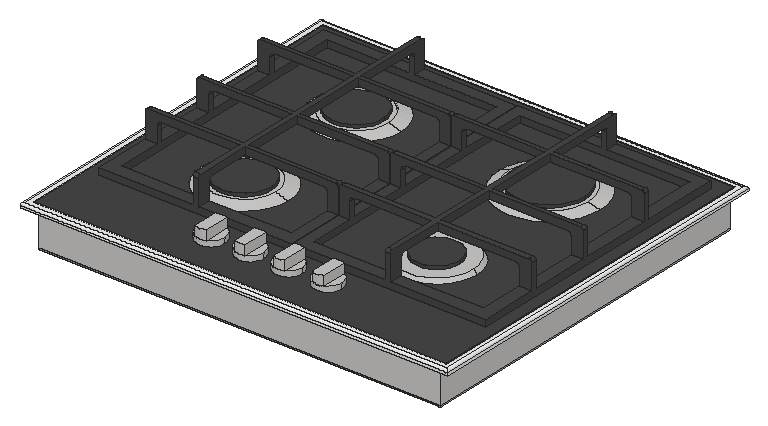
Revit family "QF_Summit_GC424BGL_Cooktop_With_Sealed_Burners", category Specialty Equipment, Revit 2020
Family settings
  Round Connector Dimension = Use Diameter
  Part Type = Normal
  Work Plane-Based = No
  Always vertical = Yes
  Cut with Voids When Loaded = No
  Shared = No
  Room Calculation Point = No
Parameters
  Weight in Pounds = 24
  Watts = 0 W
  Volts = 115 V
  URL Cutsheet = ""
  Specification by User = ""
  Specification by Manufacturer = ""
  Serial Number = ""
  Seismic Rating = ""
  SMACNA No = ""
  Revision Code = ""
  Plumbing Remarks = ""
  Plumbing Connection Type = ""
  Phase = 1
  Number of Poles = 1
  NAFEM Spec ID Number = ""
  Model = "GC424BGL"
  Min Ckt Ampacity = 0 A
  Max Overcurrent Protection = 0 A
  Masterspec = ""
  Manufacturer = "Summit"
  Length = 23 1/4"
  Item Number = ""
  Installed By = ""
  Identify Quantity as Lot = yes
  Height = 2 1/8"
  HP = ""
  Gas Size = 1/2"
  Gas RI Height = 0"
  Gas KW = 0
  Gas Input = 20450.0 Btu/h
  Gas Connection Height = 0"
  Furnished By = ""
  Foodservice Equipment Identifier = yes
  FL Amps = 0 A
  Electrical Remarks = ""
  Electric Connection Type = ""
  Elec Conn RI Height = 0"
  Elec Conn Connection Height = 0"
  Description = "Cooktop With Sealed Burners"
  Depth = 20 7/16"
  Default Elevation = 0"
  Cycle = 60 Hz
  Conn Plug = ""
  Conn Conduit = yes
  CSI MasterFormat = ""
  Apparent Power = 0 VA
Reference planes (in)
  plane 1 "BACK": y = 0
  plane 2: z = 0
  plane 3 "LEFT": x = 0
  plane 4 "RIGHT": x = 23.25
  plane 5 "FRONT": y = -20.4375
  plane 6 "TOP": z = 2.125
  plane 7 "Center Y": x = 11.625
  plane 8 "Center X": y = -10.21875
Dimensions and locks (in)
  equal spacing: plane 3 "LEFT", plane 7 "Center Y", plane 4 "RIGHT"
  "Length": plane 3 "LEFT" to plane 4 "RIGHT"
  equal spacing: plane 5 "FRONT", plane 8 "Center X", plane 1 "BACK"
  "Depth": plane 5 "FRONT" to plane 1 "BACK"
  "Height": plane 6 "TOP" to level
  aligned and locked: level to plane 2
Nested families (in)
  nested 1: "GC424BGL" at (0, 0, 0), type "GC424BGL"
Connectors (in)
  piping at (18.3558157, -0.2742883, -1.0019362), diameter 0.5
    settings: on nested 1, index 1, connector inside diameter 24", connector length 0", flow factor 0, pipe flow 0 GPM, pressure drop 0.00 psi, fitting loss kfactor 0, connector angle 0.00°, fixture units 0, engagement length 0", angle of deflection 0.00°, flow configuration 1, flow direction 1, fitting loss method 0, system type 7, joint type 0, gender type 0, connector reference index -1, connector utility 0, adjustable connector no, is connector primary yes, connector description "GAS INLET"
  electrical at (13.0658198, -0.2742883, -0.9398723), driven by "Volts", driven by "Watts"
    settings: on nested 1, index 2, voltage 115 V, apparent load 0 VA, apparent load phase1 0 VA, apparent load phase2 0 VA, apparent load phase3 0 VA, power factor 1, load classification "Other", number of poles 1, system type 30, power factor state 1, is connector primary yes, connector utility no, sub classification motor no, connector description "ELECTRICAL CONNECTION"
Definition of nested family "GC424BGL"
  Parameters (values of type "GC424BGL")
    Weight in Pounds = 0
    URL Cutsheet = ""
    Specification by User = ""
    Specification by Manufacturer = ""
    Serial Number = ""
    Seismic Rating = ""
    SMACNA No = ""
    Revision Code = ""
    NAFEM Spec ID Number = ""
    Masterspec = ""
    Length = 23 1/4"
    Item Number = ""
    Installed By = ""
    Identify Quantity as Lot = yes
    Height = 2 1/8"
    Furnished By = ""
    Foodservice Equipment Identifier = yes
    Depth = 20 7/16"
    Default Elevation = 0"
    CSI MasterFormat = ""
  Reference planes (in)
    plane 1 "BACK": y = 0
    plane 2: z = 0
    plane 3 "LEFT": x = 0
    plane 4 "RIGHT": x = 23.25
    plane 5 "FRONT": y = -20.4375
    plane 6 "TOP": z = 2.125
    plane 7 "Center Y": x = 11.625
    plane 8 "Center X": y = -10.21875
    plane 9: z = -2
  Forms (in)
    Sweep 1, solid
      path origin (0, 0, 0) x (1, 0, 0) y (0, 1, 0)
        loop
          line (0, -20.4375) -> (23.25, -20.4375) -> (23.25, 0) -> (0, 0) -> (0, -20.4375)
      profile origin (0, -10.21875, 0) x (-1, 0, 0) y (0, 0, 1)
        loop
          line (-0.4022548, 0) -> (0, 0) -> (0, 0.116182)
          arc (0, 0.116182) -> (-0.0391944, 0.2108056) -> (-0.133818, 0.25) r 0.133818
          line (-0.133818, 0.25) -> (-0.4022548, 0.25) -> (-0.4022548, 0)
    Extrusion 2, solid
      sketch origin (0, 0, 0) x (1, 0, 0) y (0, 1, 0)
        loop
          line (0.4022548, -0.4022548) -> (0.4022548, -20.0352452) -> (22.8477452, -20.0352452) -> (22.8477452, -0.4022548) -> (0.4022548, -0.4022548)
      from 0 to 0.25
    Extrusion 3, solid
      sketch origin (0, 0, 0.25) x (1, 0, 0) y (0, 1, 0)
        loop
          line (1.1098459, -1.1630804) -> (1.1098459, -16.4866293) -> (11.6098459, -16.4866293) -> (11.6098459, -1.1630804) -> (1.1098459, -1.1630804)
        loop
          line (1.7749477, -1.7872992) -> (1.7749477, -15.7872992) -> (11.0249477, -15.7872992) -> (11.0249477, -1.7872992) -> (1.7749477, -1.7872992)
        loop
          line (22.1401541, -1.1630804) -> (11.6401541, -1.1630804) -> (11.6401541, -16.4866293) -> (22.1401541, -16.4866293) -> (22.1401541, -1.1630804)
        loop
          line (21.4750523, -1.7872992) -> (12.2250523, -1.7872992) -> (12.2250523, -15.7872992) -> (21.4750523, -15.7872992) -> (21.4750523, -1.7872992)
      from 0 to 0.3539767
    Extrusion 4, solid
      sketch origin (-4.5131933, -13.3160245, 48) x (-1, 0, 0) y (0, 0, 1)
        loop
          line (-5.6230393, -47.75) -> (-5.6230393, -46.0273437)
          arc (-5.6230393, -46.0273437) -> (-5.6676597, -45.9196205) -> (-5.775383, -45.875) r 0.1523438
          line (-5.775383, -45.875) -> (-15.9707112, -45.875)
          arc (-15.9707112, -45.875) -> (-16.0784234, -45.9196159) -> (-16.1230393, -46.0273281) r 0.1523281
          line (-16.1230393, -46.0273281) -> (-16.1230393, -47.75) -> (-15.5381411, -47.75) -> (-15.5381411, -46.5110601)
          arc (-15.5381411, -46.5110601) -> (-15.4649177, -46.3342835) -> (-15.2881411, -46.2610601) r 0.25
          line (-15.2881411, -46.2610601) -> (-6.5381411, -46.2610601)
          arc (-6.5381411, -46.2610601) -> (-6.3613644, -46.3342835) -> (-6.2881411, -46.5110601) r 0.25
          line (-6.2881411, -46.5110601) -> (-6.2881411, -47.75) -> (-5.6230393, -47.75)
        loop
          line (-26.6533474, -47.75) -> (-25.9882456, -47.75) -> (-25.9882456, -46.5110601)
          arc (-25.9882456, -46.5110601) -> (-25.9150223, -46.3342835) -> (-25.7382456, -46.2610601) r 0.25
          line (-25.7382456, -46.2610601) -> (-16.9882456, -46.2610601)
          arc (-16.9882456, -46.2610601) -> (-16.8114689, -46.3342835) -> (-16.7382456, -46.5110601) r 0.25
          line (-16.7382456, -46.5110601) -> (-16.7382456, -47.75) -> (-16.1533474, -47.75) -> (-16.1533474, -46.0273281)
          arc (-16.1533474, -46.0273281) -> (-16.1979633, -45.9196159) -> (-16.3056755, -45.875) r 0.1523281
          line (-16.3056755, -45.875) -> (-26.5010036, -45.875)
          arc (-26.5010036, -45.875) -> (-26.6087269, -45.9196205) -> (-26.6533474, -46.0273437) r 0.1523438
          line (-26.6533474, -46.0273437) -> (-26.6533474, -47.75)
      from 0 to 0.242194
    Extrusion 5, solid
      sketch origin (-4.5131933, -9.8160245, 48) x (-1, 0, 0) y (0, 0, 1)
        loop
          line (-5.6230393, -47.75) -> (-5.6230393, -46.0273437)
          arc (-5.6230393, -46.0273437) -> (-5.6676597, -45.9196205) -> (-5.775383, -45.875) r 0.1523438
          line (-5.775383, -45.875) -> (-15.9707112, -45.875)
          arc (-15.9707112, -45.875) -> (-16.0784234, -45.9196159) -> (-16.1230393, -46.0273281) r 0.1523281
          line (-16.1230393, -46.0273281) -> (-16.1230393, -47.75) -> (-15.5381411, -47.75) -> (-15.5381411, -46.5110601)
          arc (-15.5381411, -46.5110601) -> (-15.4649177, -46.3342835) -> (-15.2881411, -46.2610601) r 0.25
          line (-15.2881411, -46.2610601) -> (-6.5381411, -46.2610601)
          arc (-6.5381411, -46.2610601) -> (-6.3613644, -46.3342835) -> (-6.2881411, -46.5110601) r 0.25
          line (-6.2881411, -46.5110601) -> (-6.2881411, -47.75) -> (-5.6230393, -47.75)
        loop
          line (-26.6533474, -47.75) -> (-25.9882456, -47.75) -> (-25.9882456, -46.5110601)
          arc (-25.9882456, -46.5110601) -> (-25.9150223, -46.3342835) -> (-25.7382456, -46.2610601) r 0.25
          line (-25.7382456, -46.2610601) -> (-16.9882456, -46.2610601)
          arc (-16.9882456, -46.2610601) -> (-16.8114689, -46.3342835) -> (-16.7382456, -46.5110601) r 0.25
          line (-16.7382456, -46.5110601) -> (-16.7382456, -47.75) -> (-16.1533474, -47.75) -> (-16.1533474, -46.0273281)
          arc (-16.1533474, -46.0273281) -> (-16.1979633, -45.9196159) -> (-16.3056755, -45.875) r 0.1523281
          line (-16.3056755, -45.875) -> (-26.5010036, -45.875)
          arc (-26.5010036, -45.875) -> (-26.6087269, -45.9196205) -> (-26.6533474, -46.0273437) r 0.1523438
          line (-26.6533474, -46.0273437) -> (-26.6533474, -47.75)
      from 0 to 0.242194
    Extrusion 6, solid
      sketch origin (-4.5131933, -5.6718236, 48) x (-1, 0, 0) y (0, 0, 1)
        loop
          line (-5.6230393, -47.75) -> (-5.6230393, -46.0273437)
          arc (-5.6230393, -46.0273437) -> (-5.6676597, -45.9196205) -> (-5.775383, -45.875) r 0.1523438
          line (-5.775383, -45.875) -> (-15.9707112, -45.875)
          arc (-15.9707112, -45.875) -> (-16.0784234, -45.9196159) -> (-16.1230393, -46.0273281) r 0.1523281
          line (-16.1230393, -46.0273281) -> (-16.1230393, -47.75) -> (-15.5381411, -47.75) -> (-15.5381411, -46.5110601)
          arc (-15.5381411, -46.5110601) -> (-15.4649177, -46.3342835) -> (-15.2881411, -46.2610601) r 0.25
          line (-15.2881411, -46.2610601) -> (-6.5381411, -46.2610601)
          arc (-6.5381411, -46.2610601) -> (-6.3613644, -46.3342835) -> (-6.2881411, -46.5110601) r 0.25
          line (-6.2881411, -46.5110601) -> (-6.2881411, -47.75) -> (-5.6230393, -47.75)
        loop
          line (-26.6533474, -47.75) -> (-25.9882456, -47.75) -> (-25.9882456, -46.5110601)
          arc (-25.9882456, -46.5110601) -> (-25.9150223, -46.3342835) -> (-25.7382456, -46.2610601) r 0.25
          line (-25.7382456, -46.2610601) -> (-16.9882456, -46.2610601)
          arc (-16.9882456, -46.2610601) -> (-16.8114689, -46.3342835) -> (-16.7382456, -46.5110601) r 0.25
          line (-16.7382456, -46.5110601) -> (-16.7382456, -47.75) -> (-16.1533474, -47.75) -> (-16.1533474, -46.0273281)
          arc (-16.1533474, -46.0273281) -> (-16.1979633, -45.9196159) -> (-16.3056755, -45.875) r 0.1523281
          line (-16.3056755, -45.875) -> (-26.5010036, -45.875)
          arc (-26.5010036, -45.875) -> (-26.6087269, -45.9196205) -> (-26.6533474, -46.0273437) r 0.1523438
          line (-26.6533474, -46.0273437) -> (-26.6533474, -47.75)
      from 0 to 0.242194
    Extrusion 7, solid
      sketch origin (6.2597286, 3.5674003, 48) x (0, 1, 0) y (0, 0, 1)
        loop
          line (-4.7304807, -47.75) -> (-4.7304807, -46.0273437)
          arc (-4.7304807, -46.0273437) -> (-4.7751011, -45.9196205) -> (-4.8828244, -45.875) r 0.1523438
          line (-4.8828244, -45.875) -> (-19.9017015, -45.875)
          arc (-19.9017015, -45.875) -> (-20.0094137, -45.9196159) -> (-20.0540296, -46.0273281) r 0.1523281
          line (-20.0540296, -46.0273281) -> (-20.0540296, -47.75) -> (-19.3546995, -47.75) -> (-19.3546995, -46.5110601)
          arc (-19.3546995, -46.5110601) -> (-19.2814762, -46.3342835) -> (-19.1046995, -46.2610601) r 0.25
          line (-19.1046995, -46.2610601) -> (-5.6046995, -46.2610601)
          arc (-5.6046995, -46.2610601) -> (-5.4279228, -46.3342835) -> (-5.3546995, -46.5110601) r 0.25
          line (-5.3546995, -46.5110601) -> (-5.3546995, -47.75) -> (-4.7304807, -47.75)
      from 0 to 0.2793476
    Extrusion 8, solid
      sketch origin (16.9902714, 3.5674003, 48) x (0, 1, 0) y (0, 0, -1)
        loop
          line (-4.7304807, 47.75) -> (-5.3546995, 47.75) -> (-5.3546995, 46.5110601)
          arc (-5.3546995, 46.5110601) -> (-5.4279228, 46.3342835) -> (-5.6046995, 46.2610601) r 0.25
          line (-5.6046995, 46.2610601) -> (-19.1046995, 46.2610601)
          arc (-19.1046995, 46.2610601) -> (-19.2814762, 46.3342835) -> (-19.3546995, 46.5110601) r 0.25
          line (-19.3546995, 46.5110601) -> (-19.3546995, 47.75) -> (-20.0540296, 47.75) -> (-20.0540296, 46.0273281)
          arc (-20.0540296, 46.0273281) -> (-20.0094137, 45.9196159) -> (-19.9017015, 45.875) r 0.1523281
          line (-19.9017015, 45.875) -> (-4.8828244, 45.875)
          arc (-4.8828244, 45.875) -> (-4.7751011, 45.9196205) -> (-4.7304807, 46.0273437) r 0.1523438
          line (-4.7304807, 46.0273437) -> (-4.7304807, 47.75)
      from 0 to 0.2793476
    Blend 9, solid
      base sketch origin (0, 0, 0.25) x (1, 0, 0) y (0, 1, 0)
        loop
          circle (6.4049975, -5.5544244) r 2.3732537
      top sketch origin (0, 0, 0.25) x (1, 0, 0) y (0, 1, 0)
        loop
          circle (6.3737475, -5.5544244) r 1.75
      from 0 to 0.1987404
    Blend 10, solid
      base sketch origin (0, -18.75, 0.25) x (1, 0, 0) y (0, 1, 0)
        loop
          circle (6.4049975, 5.5544244) r 2.3732537
      top sketch origin (0, -18.75, 0.25) x (1, 0, 0) y (0, 1, 0)
        loop
          circle (6.3737475, 5.5544244) r 1.75
      from 0 to 0.1987404
    Blend 11, solid
      base sketch origin (0, 0, 0.25) x (1, 0, 0) y (0, 1, 0)
        loop
          circle (16.8570125, -5.5367966) r 2.75
      top sketch origin (0, 0, 0.25) x (1, 0, 0) y (0, 1, 0)
        loop
          circle (16.8570125, -5.5367966) r 2.1584494
      from 0 to 0.1987404
    Blend 12, solid
      base sketch origin (0, 0, 0.25) x (1, 0, 0) y (0, 1, 0)
        loop
          circle (16.862619, -13.1936449) r 2.1529242
      top sketch origin (0, 0, 0.25) x (1, 0, 0) y (0, 1, 0)
        loop
          circle (16.862619, -13.1936449) r 2
      from 0 to 0.1987404
    Extrusion 13, solid
      sketch origin (0, -18.75, 0.4487404) x (1, 0, 0) y (0, 1, 0)
        loop
          circle (6.3737475, 13.1955756) r 1.5
      from 0 to 0.1552363
    Extrusion 14, solid
      sketch origin (0, -18.75, 0.4487404) x (1, 0, 0) y (0, 1, 0)
        loop
          circle (16.8570125, 13.2132034) r 1.9287685
      from 0 to 0.1552363
    Extrusion 15, solid
      sketch origin (0, -18.75, 0.4487404) x (1, 0, 0) y (0, 1, 0)
        loop
          circle (6.3737475, 5.5544244) r 1.5
      from 0 to 0.1552363
    Extrusion 16, solid
      sketch origin (0, -18.75, 0.4487404) x (1, 0, 0) y (0, 1, 0)
        loop
          circle (16.862619, 5.5563551) r 1.25
      from 0 to 0.1552363
    Sweep 17, solid
      path origin (0, 0, 0) x (1, 0, 0) y (0, 1, 0)
        loop
          line (0.6875, -20.0352452) -> (22.5625, -20.0352452) -> (22.5625, -0.4022548) -> (0.6875, -0.4022548) -> (0.6875, -20.0352452)
      profile origin (0.6875, -10.21875, 0) x (-1, 0, 0) y (0, 0, 1)
        loop
          line (0, 0) -> (-0.0625, 0) -> (-0.0625, -1.8459152)
          arc (-0.0625, -1.8459152) -> (-0.0893246, -1.9106754) -> (-0.1540848, -1.9375) r 0.0915848
          line (-0.1540848, -1.9375) -> (-0.2739614, -1.9375) -> (-0.2739614, -2) -> (-0.1050935, -2)
          arc (-0.1050935, -2) -> (-0.0307812, -1.9692188) -> (0, -1.8949065) r 0.1050935
          line (0, -1.8949065) -> (0, 0)
    Extrusion 18, solid
      sketch origin (-1.9248043, -180, 0.4644988) x (-1, 0, 0) y (0, -1, 0)
        loop
          circle (-10.3861043, -161.9441203) r 0.75
        loop
          circle (-12.4996665, -161.9753703) r 0.75
        loop
          circle (-14.5941355, -161.9753703) r 0.75
        loop
          circle (-16.7341255, -161.9753703) r 0.75
      from 0 to 0.2698802
    Extrusion 19, solid
      sketch origin (-1.9248043, -180, 0.7343791) x (-1, 0, 0) y (0, -1, 0)
        loop
          line (-10.0835286, -162.6303768) -> (-10.0835286, -161.2578639)
          arc (-10.0835286, -161.2578639) -> (-10.3861043, -161.1941203) -> (-10.6886801, -161.2578639) r 0.75
          line (-10.6886801, -161.2578639) -> (-10.6886801, -162.6303768)
          arc (-10.6886801, -162.6303768) -> (-10.3861043, -162.6941203) -> (-10.0835286, -162.6303768) r 0.75
        loop
          arc (-12.1896462, -161.2924447) -> (-12.4869486, -161.2254782) -> (-12.7863507, -161.2823248) r 0.75
          line (-12.7863507, -161.2823248) -> (-12.7863507, -162.6684159)
          arc (-12.7863507, -162.6684159) -> (-12.4869486, -162.7252625) -> (-12.1896462, -162.658296) r 0.75
          line (-12.1896462, -162.658296) -> (-12.1896462, -161.2924447)
        loop
          arc (-14.9136195, -162.6539202) -> (-14.6166684, -162.7250318) -> (-14.3159823, -162.6718836) r 0.75
          line (-14.3159823, -162.6718836) -> (-14.3159823, -161.278857)
          arc (-14.3159823, -161.278857) -> (-14.6166684, -161.2257089) -> (-14.9136195, -161.2968204) r 0.75
          line (-14.9136195, -161.2968204) -> (-14.9136195, -162.6539202)
        loop
          arc (-17.0641466, -162.6488583) -> (-16.7531746, -162.7251284) -> (-16.4387308, -162.6647483) r 0.75
          line (-16.4387308, -162.6647483) -> (-16.4387308, -161.2859924)
          arc (-16.4387308, -161.2859924) -> (-16.7531746, -161.2256123) -> (-17.0641466, -161.3018823) r 0.75
          line (-17.0641466, -161.3018823) -> (-17.0641466, -162.6488583)
      from 0 to 0.518886
    Extrusion 20, solid
      sketch origin (0.75, -0.4647548, -1.8459152) x (1, 0, 0) y (0, 0, 1)
        loop
          circle (12.3158198, 0.9060429) r 0.1968199
        loop
          circle (17.6058157, 0.843979) r 0.404353
      from 0 to -0.1904665
    Extrusion 21, solid
      sketch origin (0.7925935, -19.9301517, -2) x (1, 0, 0) y (0, -1, 0)
        loop
          line (21.4959451, -0.1688679) -> (0.1688679, -0.1688679) -> (0.1688679, -19.2539355) -> (21.4959451, -19.2539355) -> (21.4959451, -0.1688679)
      from 0 to -0.0625
    Extrusion 22, solid
      sketch origin (0, 0, 0.25) x (1, 0, 0) y (0, 1, 0)
        loop
          circle (8.4613, -18.0558797) r 0.25
        loop
          circle (10.5748622, -18.0558797) r 0.25
        loop
          circle (14.8121375, -18.0558797) r 0.25
        loop
          circle (12.6985753, -18.0558797) r 0.25
      from 0 to 0.2144988
  Cuts and joins
    joined: Extrusion 3, Extrusion 4, Extrusion 5, Extrusion 6, Extrusion 7, Extrusion 8
    joined: Sweep 17, Extrusion 20, Extrusion 21
  Lines and regions (in)
    symbolic lines
      curve 1: line (0, -20.4375, 0.7343791) -> (0, 0, 0.7343791)
      curve 2: line (0, 0, 0.7343791) -> (23.25, 0, 0.7343791)
      curve 3: line (23.25, 0, 0.7343791) -> (23.25, -20.4375, 0.7343791)
      curve 4: line (23.25, -20.4375, 0.7343791) -> (0, -20.4375, 0.7343791)
      curve 5: line (0.4022548, -0.4022548, 0.7343791) -> (0.4022548, -20.0352452, 0.7343791)
      curve 6: line (0.4022548, -20.0352452, 0.7343791) -> (22.8477452, -20.0352452, 0.7343791)
      curve 7: line (22.8477452, -20.0352452, 0.7343791) -> (22.8477452, -0.4022548, 0.7343791)
      curve 8: line (22.8477452, -0.4022548, 0.7343791) -> (0.4022548, -0.4022548, 0.7343791)
      curve 9: line (1.7749477, -15.7872992, 0.7343791) -> (1.7749477, -13.3160245, 0.7343791)
      curve 10: line (1.1098459, -1.1630804, 0.7343791) -> (1.1098459, -16.4866293, 0.7343791)
      curve 11: line (11.6098459, -1.1630804, 0.7343791) -> (1.1098459, -1.1630804, 0.7343791)
      curve 12: line (1.7749477, -1.7872992, 0.7343791) -> (6.2597286, -1.7872992, 0.7343791)
      curve 13: line (11.0249477, -1.7872992, 0.7343791) -> (11.0249477, -5.4296296, 0.7343791)
      curve 14: line (11.6098459, -16.4866293, 0.7343791) -> (11.6098459, -1.1630804, 0.7343791)
      curve 15: line (11.0249477, -15.7872992, 0.7343791) -> (6.5390762, -15.7872992, 0.7343791)
      curve 16: line (1.1098459, -16.4866293, 0.7343791) -> (11.6098459, -16.4866293, 0.7343791)
      curve 17: line (1.7749477, -13.0738305, 0.7343791) -> (1.7749477, -9.8160245, 0.7343791)
      curve 18: line (6.2597286, -15.7872992, 0.7343791) -> (1.7749477, -15.7872992, 0.7343791)
      curve 19: line (11.0249477, -13.3160245, 0.7343791) -> (11.0249477, -15.7872992, 0.7343791)
      curve 20: line (11.0249477, -9.8160245, 0.7343791) -> (11.0249477, -13.0738305, 0.7343791)
      curve 21: line (1.7749477, -9.5738305, 0.7343791) -> (1.7749477, -5.6718236, 0.7343791)
      curve 22: line (1.7749477, -5.4296296, 0.7343791) -> (1.7749477, -1.7872992, 0.7343791)
      curve 23: line (11.0249477, -5.6718236, 0.7343791) -> (11.0249477, -9.5738305, 0.7343791)
      curve 24: line (6.5390762, -1.7872992, 0.7343791) -> (11.0249477, -1.7872992, 0.7343791)
      curve 25: line (1.1098459, -13.0738305, 0.7343791) -> (6.2597286, -13.0738305, 0.7343791)
      curve 26: line (11.6098459, -13.3160245, 0.7343791) -> (6.5390762, -13.3160245, 0.7343791)
      curve 27: line (6.2597286, -1.1630804, 0.7343791) -> (6.2597286, -5.4296296, 0.7343791)
      curve 28: line (6.5390762, -16.4866293, 0.7343791) -> (6.5390762, -13.3160245, 0.7343791)
      curve 29: line (1.1098459, -9.5738305, 0.7343791) -> (6.2597286, -9.5738305, 0.7343791)
      curve 30: line (11.6098459, -9.8160245, 0.7343791) -> (6.5390762, -9.8160245, 0.7343791)
      curve 31: line (1.1098459, -5.4296296, 0.7343791) -> (6.2597286, -5.4296296, 0.7343791)
      curve 32: line (11.6098459, -5.6718236, 0.7343791) -> (6.5390762, -5.6718236, 0.7343791)
      curve 33: line (6.2597286, -13.3160245, 0.7343791) -> (6.2597286, -16.4866293, 0.7343791)
      curve 34: line (6.5390762, -13.0738305, 0.7343791) -> (11.6098459, -13.0738305, 0.7343791)
      curve 35: line (6.5390762, -13.0738305, 0.7343791) -> (6.5390762, -9.8160245, 0.7343791)
      curve 36: line (6.2597286, -13.3160245, 0.7343791) -> (1.1098459, -13.3160245, 0.7343791)
      curve 37: line (6.2597286, -9.8160245, 0.7343791) -> (1.1098459, -9.8160245, 0.7343791)
      curve 38: line (6.2597286, -9.8160245, 0.7343791) -> (6.2597286, -13.0738305, 0.7343791)
      curve 39: line (6.5390762, -9.5738305, 0.7343791) -> (11.6098459, -9.5738305, 0.7343791)
      curve 40: line (6.5390762, -9.5738305, 0.7343791) -> (6.5390762, -5.6718236, 0.7343791)
      curve 41: line (6.2597286, -5.6718236, 0.7343791) -> (6.2597286, -9.5738305, 0.7343791)
      curve 42: line (6.2597286, -5.6718236, 0.7343791) -> (1.1098459, -5.6718236, 0.7343791)
      curve 43: line (6.5390762, -5.4296296, 0.7343791) -> (6.5390762, -1.1630804, 0.7343791)
      curve 44: line (6.5390762, -5.4296296, 0.7343791) -> (11.6098459, -5.4296296, 0.7343791)
      curve 45: line (11.6401541, -1.1630804, 0.7343791) -> (11.6401541, -16.4866293, 0.7343791)
      curve 46: line (11.6401541, -16.4866293, 0.7343791) -> (22.1401541, -16.4866293, 0.7343791)
      curve 47: line (22.1401541, -16.4866293, 0.7343791) -> (22.1401541, -1.1630804, 0.7343791)
      curve 48: line (22.1401541, -1.1630804, 0.7343791) -> (11.6401541, -1.1630804, 0.7343791)
      curve 49: line (12.2250523, -1.7872992, 0.7343791) -> (16.7109238, -1.7872992, 0.7343791)
      curve 50: line (11.6401541, -5.4296296, 0.7343791) -> (16.7109238, -5.4296296, 0.7343791)
      curve 51: line (16.7109238, -5.4296296, 0.7343791) -> (16.7109238, -1.1630804, 0.7343791)
      curve 52: line (16.9902714, -1.1630804, 0.7343791) -> (16.9902714, -5.4296296, 0.7343791)
      curve 53: line (16.9902714, -5.4296296, 0.7343791) -> (22.1401541, -5.4296296, 0.7343791)
      curve 54: line (22.1401541, -5.6718236, 0.7343791) -> (16.9902714, -5.6718236, 0.7343791)
      curve 55: line (16.9902714, -5.6718236, 0.7343791) -> (16.9902714, -9.5738305, 0.7343791)
      curve 56: line (16.9902714, -9.5738305, 0.7343791) -> (22.1401541, -9.5738305, 0.7343791)
      curve 57: line (22.1401541, -9.8160245, 0.7343791) -> (16.9902714, -9.8160245, 0.7343791)
      curve 58: line (16.9902714, -9.8160245, 0.7343791) -> (16.9902714, -13.0738305, 0.7343791)
      curve 59: line (16.9902714, -13.0738305, 0.7343791) -> (22.1401541, -13.0738305, 0.7343791)
      curve 60: line (22.1401541, -13.3160245, 0.7343791) -> (16.9902714, -13.3160245, 0.7343791)
      curve 61: line (16.9902714, -13.3160245, 0.7343791) -> (16.9902714, -16.4866293, 0.7343791)
      curve 62: line (16.7109238, -13.3160245, 0.7343791) -> (16.7109238, -16.4866293, 0.7343791)
      curve 63: line (16.7109238, -13.3160245, 0.7343791) -> (11.6401541, -13.3160245, 0.7343791)
      curve 64: line (11.6401541, -13.0738305, 0.7343791) -> (16.7109238, -13.0738305, 0.7343791)
      curve 65: line (16.7109238, -13.0738305, 0.7343791) -> (16.7109238, -9.8160245, 0.7343791)
      curve 66: line (16.7109238, -9.8160245, 0.7343791) -> (11.6401541, -9.8160245, 0.7343791)
      curve 67: line (11.6401541, -9.5738305, 0.7343791) -> (16.7109238, -9.5738305, 0.7343791)
      curve 68: line (16.7109238, -9.5738305, 0.7343791) -> (16.7109238, -5.6718236, 0.7343791)
      curve 69: line (16.7109238, -5.6718236, 0.7343791) -> (11.6401541, -5.6718236, 0.7343791)
      curve 70: line (12.2250523, -1.7872992, 0.7343791) -> (12.2250523, -5.4296296, 0.7343791)
      curve 71: line (12.2250523, -5.6718236, 0.7343791) -> (12.2250523, -9.5738305, 0.7343791)
      curve 72: line (12.2250523, -9.8160245, 0.7343791) -> (12.2250523, -13.0738305, 0.7343791)
      curve 73: line (12.2250523, -13.3160245, 0.7343791) -> (12.2250523, -15.7872992, 0.7343791)
      curve 74: line (12.2250523, -15.7872992, 0.7343791) -> (16.7109238, -15.7872992, 0.7343791)
      curve 75: line (16.9902714, -15.7872992, 0.7343791) -> (21.4750523, -15.7872992, 0.7343791)
      curve 76: line (21.4750523, -15.7872992, 0.7343791) -> (21.4750523, -13.3160245, 0.7343791)
      curve 77: line (21.4750523, -13.0738305, 0.7343791) -> (21.4750523, -9.8160245, 0.7343791)
      curve 78: line (21.4750523, -9.5738305, 0.7343791) -> (21.4750523, -5.6718236, 0.7343791)
      curve 79: line (21.4750523, -5.4296296, 0.7343791) -> (21.4750523, -1.7872992, 0.7343791)
      curve 80: line (16.9902714, -1.7872992, 0.7343791) -> (21.4750523, -1.7872992, 0.7343791)
      curve 81: arc (7.8685473, -5.4296296, 0.7343791) -> (7.4487084, -4.5082603, 0.7343791) -> (6.5390762, -4.0635634, 0.7343791) r 1.5
      curve 82: arc (4.8783488, -5.6718236, 0.7343791) -> (5.3142867, -6.6162826, 0.7343791) -> (6.2597286, -7.0500847, 0.7343791) r 1.5
      curve 83: arc (4.6276899, -5.6718236, 0.7343791) -> (5.137509, -6.7930584, 0.7343791) -> (6.2597286, -7.3007061, 0.7343791) r 1.75
      curve 84: arc (8.7753457, -5.6718236, 0.7343791) -> (8.0890363, -7.2266524, 0.7343791) -> (6.5390762, -7.9238876, 0.7343791) r 2.3732537
      curve 85: arc (4.0350272, -5.4296296, 0.7343791) -> (4.719619, -3.8835467, 0.7343791) -> (6.2597286, -3.1856209, 0.7343791) r 2.3732537
      curve 86: arc (8.1192922, -5.4296296, 0.7343791) -> (7.6254812, -4.3314515, 0.7343791) -> (6.5390762, -3.8122515, 0.7343791) r 1.75
      curve 87: arc (6.2597286, -4.0587641, 0.7343791) -> (5.3169162, -4.4899491, 0.7343791) -> (4.8789478, -5.4296296, 0.7343791) r 1.5
      curve 88: arc (6.2597286, -3.8081427, 0.7343791) -> (5.1401353, -4.3131747, 0.7343791) -> (4.6282029, -5.4296296, 0.7343791) r 1.75
      curve 89: arc (6.5390762, -3.1849612, 0.7343791) -> (8.0864253, -3.8795711, 0.7343791) -> (8.7749679, -5.4296296, 0.7343791) r 2.3732537
      curve 90: arc (6.5390762, -7.0452854, 0.7343791) -> (7.4512925, -6.5979266, 0.7343791) -> (7.8691463, -5.6718236, 0.7343791) r 1.5
      curve 91: arc (6.5390762, -7.2965973, 0.7343791) -> (7.6280688, -6.7747433, 0.7343791) -> (8.1198052, -5.6718236, 0.7343791) r 1.75
      curve 92: arc (6.2597286, -7.9232279, 0.7343791) -> (4.7170142, -7.2226706, 0.7343791) -> (4.0346494, -5.6718236, 0.7343791) r 2.3732537
      curve 93: arc (7.8687988, -13.0738305, 0.7343791) -> (7.4497749, -12.1505086, 0.7343791) -> (6.5390762, -11.7047146, 0.7343791) r 1.5
      curve 94: arc (4.8785913, -13.3160245, 0.7343791) -> (5.3153702, -14.2585137, 0.7343791) -> (6.2597286, -14.6912359, 0.7343791) r 1.5
      curve 95: arc (4.6278976, -13.3160245, 0.7343791) -> (5.1385912, -14.4352889, 0.7343791) -> (6.2597286, -14.9418573, 0.7343791) r 1.75
      curve 96: arc (8.7751927, -13.3160245, 0.7343791) -> (8.0879602, -14.8688867, 0.7343791) -> (6.5390762, -15.5650388, 0.7343791) r 2.3732537
      curve 97: arc (4.0348686, -13.0738305, 0.7343791) -> (4.7185443, -11.5257826, 0.7343791) -> (6.2597286, -10.8267721, 0.7343791) r 2.3732537
      curve 98: arc (8.1195076, -13.0738305, 0.7343791) -> (7.626549, -11.9736966, 0.7343791) -> (6.5390762, -11.4534027, 0.7343791) r 1.75
      curve 99: arc (6.2597286, -11.6999153, 0.7343791) -> (5.315831, -12.1321789, 0.7343791) -> (4.8786963, -13.0738305, 0.7343791) r 1.5
      curve 100: arc (6.2597286, -11.4492939, 0.7343791) -> (5.1390515, -11.9554039, 0.7343791) -> (4.6279875, -13.0738305, 0.7343791) r 1.75
      curve 101: arc (6.5390762, -10.8261124, 0.7343791) -> (8.0875026, -11.5218044, 0.7343791) -> (8.7751265, -13.0738305, 0.7343791) r 2.3732537
      curve 102: arc (6.5390762, -14.9377485, 0.7343791) -> (7.6270025, -14.4169895, 0.7343791) -> (8.1195975, -13.3160245, 0.7343791) r 1.75
      curve 103: arc (6.2597286, -15.5643791, 0.7343791) -> (4.7180878, -14.8649074, 0.7343791) -> (4.0348024, -13.3160245, 0.7343791) r 2.3732537
      curve 104: arc (14.7130313, -13.0738305, 0.7343791) -> (15.3290195, -11.6826335, 0.7343791) -> (16.7109238, -11.0460715, 0.7343791) r 2.1529242
      curve 105: arc (18.8590269, -13.0738305, 0.7343791) -> (18.2796063, -11.7822105, 0.7343791) -> (16.9902714, -11.1977228, 0.7343791) r 2
      curve 106: arc (18.1068636, -13.0738305, 0.7343791) -> (17.7492829, -12.3125506, 0.7343791) -> (16.9902714, -11.95018, 0.7343791) r 1.25
      curve 107: arc (15.6186242, -13.3160245, 0.7343791) -> (15.9683696, -14.0670394, 0.7343791) -> (16.7109238, -14.4344061, 0.7343791) r 1.25
      curve 108: arc (14.8663667, -13.3160245, 0.7343791) -> (15.4380546, -14.5974312, 0.7343791) -> (16.7109238, -15.1878837, 0.7343791) r 2
      curve 109: arc (19.0120622, -13.3160245, 0.7343791) -> (18.3868325, -14.7141237, 0.7343791) -> (16.9902714, -15.3427813, 0.7343791) r 2.1529242
      curve 110: arc (16.7109238, -11.9528836, 0.7343791) -> (15.9674696, -12.3211728, 0.7343791) -> (15.6183745, -13.0738305, 0.7343791) r 1.25
      curve 111: arc (16.7109238, -11.199406, 0.7343791) -> (15.4371529, -11.7907741, 0.7343791) -> (14.8662111, -13.0738305, 0.7343791) r 2
      curve 112: arc (16.9902714, -11.0445084, 0.7343791) -> (18.3877395, -11.6740758, 0.7343791) -> (19.0122067, -13.0738305, 0.7343791) r 2.1529242
      curve 113: arc (16.9902714, -14.4371097, 0.7343791) -> (17.7483741, -14.0756528, 0.7343791) -> (18.1066139, -13.3160245, 0.7343791) r 1.25
      curve 114: arc (16.9902714, -15.1895669, 0.7343791) -> (18.2786992, -14.6059894, 0.7343791) -> (18.8588713, -13.3160245, 0.7343791) r 2
      curve 115: arc (16.7109238, -15.3412182, 0.7343791) -> (15.3299215, -14.7055711, 0.7343791) -> (14.7131759, -13.3160245, 0.7343791) r 2.1529242
      curve 116: arc (14.1091014, -5.4296296, 0.7343791) -> (14.8987421, -3.6060772, 0.7343791) -> (16.7109238, -2.7906797, 0.7343791) r 2.75
      curve 117: arc (19.0127998, -5.4296296, 0.7343791) -> (18.3924779, -4.0198095, 0.7343791) -> (16.9902714, -3.3824647, 0.7343791) r 2.1584494
      curve 118: arc (18.7828014, -5.4296296, 0.7343791) -> (18.2300692, -4.1822255, 0.7343791) -> (16.9902714, -3.6126371, 0.7343791) r 1.9287685
      curve 119: arc (14.9329762, -5.6718236, 0.7343791) -> (15.4892515, -6.8967149, 0.7343791) -> (16.7109238, -7.4600246, 0.7343791) r 1.9287685
      curve 120: arc (14.7027906, -5.6718236, 0.7343791) -> (15.3268441, -7.0591266, 0.7343791) -> (16.7109238, -7.6902965, 0.7343791) r 2.1584494
      curve 121: arc (19.6036955, -5.6718236, 0.7343791) -> (18.8009301, -7.481966, 0.7343791) -> (16.9902714, -8.283566, 0.7343791) r 2.75
      curve 122: arc (16.7109238, -3.6135686, 0.7343791) -> (15.4794463, -4.1868117, 0.7343791) -> (14.9312235, -5.4296296, 0.7343791) r 1.9287685
      curve 123: arc (16.7109238, -3.3832966, 0.7343791) -> (15.3170359, -4.0243892, 0.7343791) -> (14.7012251, -5.4296296, 0.7343791) r 2.1584494
      curve 124: arc (16.9902714, -2.7900272, 0.7343791) -> (18.8107679, -3.6015086, 0.7343791) -> (19.6049235, -5.4296296, 0.7343791) r 2.75
      curve 125: arc (16.9902714, -7.4609561, 0.7343791) -> (18.2202309, -6.9012683, 0.7343791) -> (18.7810487, -5.6718236, 0.7343791) r 1.9287685
      curve 126: arc (16.9902714, -7.6911285, 0.7343791) -> (18.3826402, -7.063677, 0.7343791) -> (19.0112343, -5.6718236, 0.7343791) r 2.1584494
      curve 127: arc (16.7109238, -8.2829135, 0.7343791) -> (14.9085567, -7.4774203, 0.7343791) -> (14.1103294, -5.6718236, 0.7343791) r 2.75
      curve 128: arc (7.7113, -18.0558797, 0.7343791) -> (8.4613, -18.8058797, 0.7343791) -> (9.2113, -18.0558797, 0.7343791) r 0.75
      curve 129: arc (9.2113, -18.0558797, 0.7343791) -> (8.4613, -17.3058797, 0.7343791) -> (7.7113, -18.0558797, 0.7343791) r 0.75
      curve 130: line (8.1587243, -17.3696232, 0.7343791) -> (8.1587243, -18.7421361, 0.7343791)
      curve 131: line (8.7638758, -18.7421361, 0.7343791) -> (8.7638758, -17.3696232, 0.7343791)
      curve 132: line (10.264842, -17.341704, 0.7343791) -> (10.264842, -18.7075553, 0.7343791)
      curve 133: line (10.8615464, -18.7176752, 0.7343791) -> (10.8615464, -17.3315841, 0.7343791)
      curve 134: arc (11.3248622, -18.0246297, 0.7343791) -> (10.5748622, -17.2746297, 0.7343791) -> (9.8248622, -18.0246297, 0.7343791) r 0.75
      curve 135: arc (9.8248622, -18.0246297, 0.7343791) -> (10.5748622, -18.7746297, 0.7343791) -> (11.3248622, -18.0246297, 0.7343791) r 0.75
      curve 136: arc (11.9193312, -18.0246297, 0.7343791) -> (12.6693312, -18.7746297, 0.7343791) -> (13.4193312, -18.0246297, 0.7343791) r 0.75
      curve 137: arc (13.4193312, -18.0246297, 0.7343791) -> (12.6693312, -17.2746297, 0.7343791) -> (11.9193312, -18.0246297, 0.7343791) r 0.75
      curve 138: line (12.3911781, -17.3281164, 0.7343791) -> (12.3911781, -18.721143, 0.7343791)
      curve 139: line (12.9888152, -18.7031796, 0.7343791) -> (12.9888152, -17.3460798, 0.7343791)
      curve 140: arc (15.5593212, -18.0246297, 0.7343791) -> (14.8093212, -17.2746297, 0.7343791) -> (14.0593212, -18.0246297, 0.7343791) r 0.75
      curve 141: line (14.5139265, -17.3352517, 0.7343791) -> (14.5139265, -18.7140076, 0.7343791)
      curve 142: line (15.1393423, -18.6981177, 0.7343791) -> (15.1393423, -17.3511417, 0.7343791)
      curve 143: arc (14.0593212, -18.0246297, 0.7343791) -> (14.8093212, -18.7746297, 0.7343791) -> (15.5593212, -18.0246297, 0.7343791) r 0.75
  Dimensions and locks (in)
    equal spacing: plane 3 "LEFT", plane 7 "Center Y", plane 4 "RIGHT"
    "Length": plane 3 "LEFT" to plane 4 "RIGHT"
    equal spacing: plane 5 "FRONT", plane 8 "Center X", plane 1 "BACK"
    "Depth": plane 5 "FRONT" to plane 1 "BACK"
    "Height": plane 6 "TOP" to level
    level to plane 9 = 2"
    aligned and locked: level to plane 2
  Automatic sketch dimensions
    plane 1 "BACK" to Sweep 1 sketch curve = 0"
    Sweep 1 sketch curve to plane 3 "LEFT" = 0"
    Sweep 1 sketch curve to plane 4 "RIGHT" = 0"
    plane 5 "FRONT" to Sweep 1 sketch curve = 0"
    Sweep 1 sketch curve to level = 0"
    Sweep 1 sketch curve to profile plane = 0"
    profile plane to Sweep 1 sketch curve = 0.13382"
    Sweep 1 sketch curve to Sweep 1 sketch curve = 0.26844"
    level to Sweep 1 sketch curve = 0.11618"
    plane 3 "LEFT" to Extrusion 2 sketch curve = 0.40225"
    plane 4 "RIGHT" to Extrusion 2 sketch curve = 0.40225"
    Extrusion 2 sketch curve to plane 5 "FRONT" = 0.40225"
    plane 1 "BACK" to Extrusion 2 sketch curve = 0.40225"
    Extrusion 3 sketch curve to Extrusion 2 = 0.70759"  (x2)
    Extrusion 3 sketch curve to Extrusion 3 sketch curve = 0.6651"
    Extrusion 3 sketch curve to Extrusion 2 = 1.38504"  (x2)
    Extrusion 3 sketch curve to Extrusion 3 sketch curve = 9 1/4"
    Extrusion 3 sketch curve to Extrusion 3 sketch curve = 0.5849"  (x2)
    Extrusion 3 sketch curve to Extrusion 3 sketch curve = 0.03031"
    Extrusion 3 sketch curve to Extrusion 2 = 1.37269"
    Extrusion 3 sketch curve to Extrusion 2 = 4.24795"  (x2)
    Extrusion 3 sketch curve to Extrusion 3 sketch curve = 0.69933"  (x2)
    Extrusion 3 sketch curve to Extrusion 2 = 0.76083"
    Extrusion 3 sketch curve to Extrusion 3 sketch curve = 0"
    Extrusion 4 sketch curve to plane 6 "TOP" = 0"  (x2)
    level to Extrusion 4 sketch curve = 1/4"  (x3)
    plane 4 "RIGHT" to Extrusion 4 sketch curve = 1.10985"
    Extrusion 4 sketch curve to plane 6 "TOP" = 39/256"  (x2)
    Extrusion 4 sketch curve to Extrusion 4 sketch curve = 0.6651"
    Extrusion 4 sketch curve to Extrusion 4 sketch curve = 1/4"  (x3)
    Extrusion 4 sketch curve to plane 6 "TOP" = 0.38606"
    plane 7 "Center Y" to Extrusion 4 sketch curve = 0.85005"
    plane 7 "Center Y" to Extrusion 4 sketch curve = 0.60005"
    plane 7 "Center Y" to Extrusion 4 sketch curve = 0.16748"
    plane 7 "Center Y" to Extrusion 4 sketch curve = 0.01515"
    Extrusion 4 sketch curve to plane 7 "Center Y" = 0.01515"
    Extrusion 4 sketch curve to Extrusion 4 sketch curve = 39/256"
    Extrusion 4 sketch curve to plane 7 "Center Y" = 0.60005"
    Extrusion 4 sketch curve to plane 6 "TOP" = 0.63606"
    plane 3 "LEFT" to Extrusion 4 sketch curve = 2.02495"
    Extrusion 4 sketch curve to Extrusion 4 sketch curve = 0.51276"
    Extrusion 4 sketch curve to Extrusion 4 sketch curve = 0"
    Extrusion 5 sketch curve to plane 6 "TOP" = 0"  (x2)
    level to Extrusion 5 sketch curve = 1/4"  (x3)
    plane 4 "RIGHT" to Extrusion 5 sketch curve = 1.10985"
    Extrusion 5 sketch curve to plane 6 "TOP" = 39/256"  (x2)
    Extrusion 5 sketch curve to Extrusion 5 sketch curve = 0.6651"
    Extrusion 5 sketch curve to Extrusion 5 sketch curve = 1/4"  (x3)
    Extrusion 5 sketch curve to plane 6 "TOP" = 0.38606"
    plane 7 "Center Y" to Extrusion 5 sketch curve = 0.85005"
    plane 7 "Center Y" to Extrusion 5 sketch curve = 0.60005"
    plane 7 "Center Y" to Extrusion 5 sketch curve = 0.16748"
    plane 7 "Center Y" to Extrusion 5 sketch curve = 0.01515"
    Extrusion 5 sketch curve to plane 7 "Center Y" = 0.01515"
    Extrusion 5 sketch curve to Extrusion 5 sketch curve = 39/256"
    Extrusion 5 sketch curve to plane 7 "Center Y" = 0.60005"
    Extrusion 5 sketch curve to plane 6 "TOP" = 0.63606"
    plane 3 "LEFT" to Extrusion 5 sketch curve = 2.02495"
    Extrusion 5 sketch curve to Extrusion 5 sketch curve = 0.51276"
    Extrusion 5 sketch curve to Extrusion 5 sketch curve = 0"
    Extrusion 6 sketch curve to plane 6 "TOP" = 0"  (x2)
    level to Extrusion 6 sketch curve = 1/4"  (x3)
    plane 4 "RIGHT" to Extrusion 6 sketch curve = 1.10985"
    Extrusion 6 sketch curve to plane 6 "TOP" = 39/256"  (x2)
    Extrusion 6 sketch curve to Extrusion 6 sketch curve = 0.6651"
    Extrusion 6 sketch curve to Extrusion 6 sketch curve = 1/4"  (x3)
    Extrusion 6 sketch curve to plane 6 "TOP" = 0.38606"
    plane 7 "Center Y" to Extrusion 6 sketch curve = 0.85005"
    plane 7 "Center Y" to Extrusion 6 sketch curve = 0.60005"
    plane 7 "Center Y" to Extrusion 6 sketch curve = 0.16748"
    plane 7 "Center Y" to Extrusion 6 sketch curve = 0.01515"
    Extrusion 6 sketch curve to plane 7 "Center Y" = 0.01515"
    Extrusion 6 sketch curve to Extrusion 6 sketch curve = 39/256"
    Extrusion 6 sketch curve to plane 7 "Center Y" = 0.60005"
    Extrusion 6 sketch curve to plane 6 "TOP" = 0.63606"
    plane 3 "LEFT" to Extrusion 6 sketch curve = 2.02495"
    Extrusion 6 sketch curve to Extrusion 6 sketch curve = 0.51276"
    Extrusion 6 sketch curve to Extrusion 6 sketch curve = 0"
    Extrusion 7 sketch curve to plane 6 "TOP" = 0"
    level to Extrusion 7 sketch curve = 1/4"  (x2)
    Extrusion 7 sketch curve to plane 5 "FRONT" = 3.95087"
    Extrusion 7 sketch curve to Extrusion 7 sketch curve = 39/256"
    Extrusion 7 sketch curve to Extrusion 7 sketch curve = 0.69933"
    Extrusion 7 sketch curve to Extrusion 7 sketch curve = 1/4"  (x2)
    Extrusion 7 sketch curve to plane 6 "TOP" = 0.63606"
    plane 1 "BACK" to Extrusion 7 sketch curve = 2.0373"
    Extrusion 7 sketch curve to plane 6 "TOP" = 39/256"
    Extrusion 7 sketch curve to Extrusion 7 sketch curve = 0.47188"
    Extrusion 8 sketch curve to plane 6 "TOP" = 0"
    level to Extrusion 8 sketch curve = 1/4"  (x2)
    Extrusion 8 sketch curve to plane 5 "FRONT" = 3.95087"
    Extrusion 8 sketch curve to Extrusion 8 sketch curve = 39/256"
    Extrusion 8 sketch curve to Extrusion 8 sketch curve = 0.69933"
    Extrusion 8 sketch curve to Extrusion 8 sketch curve = 1/4"  (x2)
    Extrusion 8 sketch curve to plane 6 "TOP" = 0.63606"
    plane 1 "BACK" to Extrusion 8 sketch curve = 2.0373"
    Extrusion 8 sketch curve to plane 6 "TOP" = 39/256"
    Extrusion 8 sketch curve to Extrusion 8 sketch curve = 0.47188"
    Blend 9 sketch curve to Extrusion 2 = 6.00274"
    Blend 9 sketch curve to Extrusion 2 = 5.15217"  (x2)
    Blend 9 sketch curve to Extrusion 2 = 5.97149"
    Blend 10 sketch curve to Extrusion 2 = 6.00274"
    Blend 10 sketch curve to Extrusion 2 = 6.83967"  (x2)
    Blend 10 sketch curve to Extrusion 2 = 5.97149"
    Blend 11 sketch curve to Extrusion 2 = 5.99073"  (x2)
    Blend 11 sketch curve to Extrusion 2 = 5.13454"  (x2)
    Blend 12 sketch curve to Extrusion 2 = 5.98513"  (x2)
    Blend 12 sketch curve to Extrusion 2 = 6.8416"  (x2)
    Sweep 17 sketch curve to plane 5 "FRONT" = 0.40225"
    plane 1 "BACK" to Sweep 17 sketch curve = 0.40225"
    Sweep 17 sketch curve to level = 0"
    Sweep 17 sketch curve to profile plane = 0"
    profile plane to Sweep 17 sketch curve = 1/16"
    Sweep 17 sketch curve to Sweep 17 sketch curve = 0.04899"
    Sweep 17 sketch curve to level = 1.84592"
    Sweep 17 sketch curve to Sweep 17 sketch curve = 0.04259"
    Sweep 17 sketch curve to Sweep 17 sketch curve = 0.11988"
    Sweep 17 sketch curve to Sweep 17 sketch curve = 1/16"
    plane 7 "Center Y" to Extrusion 18 sketch curve = 3.18432"
    plane 7 "Center Y" to Extrusion 18 sketch curve = 1.04433"
    Extrusion 18 sketch curve to plane 7 "Center Y" = 1.05014"
    Extrusion 18 sketch curve to Extrusion 18 sketch curve = 2.11356"
    Extrusion 18 sketch curve to plane 5 "FRONT" = 2.41287"
    Extrusion 18 sketch curve to Extrusion 18 sketch curve = 0"  (x2)
    Extrusion 18 sketch curve to Extrusion 18 sketch curve = 1/32"
    Extrusion 19 sketch curve to Extrusion 19 sketch curve = 0.30258"
    Extrusion 19 sketch curve to Extrusion 19 sketch curve = 0.60515"
    Extrusion 19 sketch curve to Extrusion 19 sketch curve = 0.33002"
    Extrusion 19 sketch curve to Extrusion 19 sketch curve = 0.31948"
    Extrusion 19 sketch curve to Extrusion 19 sketch curve = 153/256"
    Extrusion 19 sketch curve to Extrusion 19 sketch curve = 0.28668"
    Extrusion 19 sketch curve to Extrusion 19 sketch curve = 0.5967"
    Extrusion 19 sketch curve to Extrusion 19 sketch curve = 0.01589"
    Extrusion 19 sketch curve to Extrusion 19 sketch curve = 0"  (x6)
    Extrusion 19 sketch curve to Extrusion 19 sketch curve = 0.62542"
    Extrusion 19 sketch curve to Extrusion 19 sketch curve = 0.69651"
    Extrusion 19 sketch curve to Extrusion 19 sketch curve = 0.68293"
    Extrusion 21 sketch curve to Sweep 17 = 0"  (x4)
    Sweep 17 to Extrusion 20 sketch curve = 0.90604"
    Extrusion 20 sketch curve to Sweep 17 = 9.43418"
    Sweep 17 to Extrusion 20 sketch curve = 0.84398"
    Extrusion 20 sketch curve to Sweep 17 = 4.14418"
    plane 3 "LEFT" to Sweep 17 sketch curve = 11/16"
    plane 4 "RIGHT" to Sweep 17 sketch curve = 11/16"
    curve 81 to curve 82 = 0"  (x2)
    curve 81 to curve 83 = 0"
    curve 81 to curve 86 = 0"
    curve 81 to curve 87 = 0"  (x2)
    curve 81 to curve 88 = 0"
    curve 81 to curve 90 = 0"  (x2)
    curve 81 to curve 91 = 0"
    curve 83 to curve 86 = 0"
    curve 83 to curve 88 = 0"
    curve 83 to curve 91 = 0"
    curve 84 to curve 85 = 0"  (x2)
    curve 84 to curve 89 = 0"  (x2)
    curve 84 to curve 92 = 0"  (x2)
    curve 93 to curve 94 = 0"  (x2)
    curve 93 to curve 95 = 0"  (x2)
    curve 93 to curve 98 = 0"
    curve 93 to curve 99 = 0"  (x2)
    curve 93 to curve 100 = 0"
    curve 93 to curve 102 = 0"
    curve 95 to curve 98 = 0"
    curve 95 to curve 100 = 0"
    curve 95 to curve 102 = 0"
    curve 96 to curve 97 = 0"  (x2)
    curve 96 to curve 101 = 0"  (x2)
    curve 96 to curve 103 = 0"  (x2)
    curve 104 to curve 105 = 0"  (x2)
    curve 104 to curve 106 = 0"  (x2)
    curve 104 to curve 107 = 0"  (x2)
    curve 104 to curve 108 = 0"
    curve 104 to curve 109 = 0"
    curve 104 to curve 110 = 0"  (x2)
    curve 104 to curve 111 = 0"  (x2)
    curve 104 to curve 112 = 0"  (x2)
    curve 104 to curve 113 = 0"  (x2)
    curve 104 to curve 114 = 0"
    curve 104 to curve 115 = 0"
    curve 108 to curve 109 = 0"
    curve 108 to curve 114 = 0"
    curve 108 to curve 115 = 0"
    curve 116 to curve 117 = 0"  (x2)
    curve 116 to curve 118 = 0"  (x2)
    curve 116 to curve 119 = 0"  (x2)
    curve 116 to curve 120 = 0"  (x2)
    curve 120 to curve 127 = 0"  (x2)
    curve 121 to curve 127 = 0"  (x2)
    curve 122 to curve 127 = 0"  (x2)
    curve 123 to curve 127 = 0"  (x2)
    curve 124 to curve 127 = 0"  (x2)
    curve 126 to curve 127 = 0"  (x2)
    curve 3 to curve 6 = 0.40225"
    curve 7 to curve 48 = 0.70759"
    curve 46 to curve 75 = 0.6651"
    curve 47 to curve 79 = 0.6651"
    curve 79 to curve 52 = 4.48478"
    curve 76 to curve 61 = 4.48478"
    curve 54 to curve 52 = 0"
    curve 57 to curve 55 = 0"
    curve 58 to curve 110 = 0.12765"
    curve 52 to curve 122 = 0.13326"
    curve 126 to curve 50 = 0.14609"
    curve 111 to curve 63 = 0.1517"
    curve 115 to curve 64 = 0.1517"
    curve 74 to curve 74 = 4.48587"
    curve 49 to curve 49 = 4.48587"
    curve 49 to curve 48 = 0.5849"
    curve 45 to curve 16 = 0.03031"
    curve 14 to curve 19 = 0.5849"
    curve 11 to curve 13 = 0.5849"
    curve 19 to curve 26 = 4.48587"
    curve 13 to curve 43 = 4.48587"
    curve 30 to curve 26 = 0"
    curve 32 to curve 43 = 0"
    curve 26 to curve 96 = 0.13408"
    curve 32 to curve 84 = 0.13408"
    curve 85 to curve 81 = 1/32"
    curve 101 to curve 99 = 1/32"
    curve 30 to curve 38 = 0.27935"
    curve 94 to curve 36 = 0.11402"
    curve 83 to curve 31 = 0.11402"
    curve 83 to curve 41 = 0.11402"
    curve 18 to curve 9 = 4.48478"
    curve 12 to curve 22 = 4.48478"
    curve 12 to curve 11 = 0.6651"
    curve 10 to curve 6 = 0.70759"
    curve 5 to curve 2 = 0.40225"
    curve 1 to curve 8 = 0.40225"
    curve 5 to curve 14 = 0.76083"
    curve 11 to curve 48 = 0"
    curve 11 to curve 24 = 0.62422"
    curve 10 to curve 12 = 0.62422"
    curve 47 to curve 80 = 0.62422"
    curve 45 to curve 49 = 0.62422"
    curve 80 to curve 52 = 3.64233"
    curve 12 to curve 27 = 3.64233"
    curve 27 to curve 44 = 0"
    curve 50 to curve 52 = 0"
    curve 52 to curve 121 = 0.10717"
    curve 27 to curve 87 = 0.12479"
    curve 81 to curve 89 = 0"
    curve 84 to curve 32 = 0.1174"
    curve 83 to curve 42 = 0.1174"
    curve 118 to curve 54 = 0.13503"
    curve 116 to curve 69 = 0.13503"
    curve 68 to curve 67 = 3.90201"
    curve 41 to curve 29 = 3.90201"
    curve 29 to curve 39 = 0"
    curve 67 to curve 55 = 0"
    curve 39 to curve 30 = 31/128"
    curve 55 to curve 58 = 31/128"
    curve 29 to curve 37 = 31/128"
    curve 67 to curve 66 = 31/128"
    curve 57 to curve 59 = 3 33/128"
    curve 30 to curve 35 = 3 33/128"
    curve 25 to curve 34 = 0"
    curve 65 to curve 58 = 0"
    curve 58 to curve 104 = 0.11981"
    curve 34 to curve 101 = 0.12175"
    curve 100 to curve 101 = 0"
    curve 111 to curve 63 = 0.12238"
    curve 113 to curve 61 = 0.12238"
    curve 103 to curve 26 = 0.12045"
    curve 94 to curve 33 = 0.12045"
    curve 9 to curve 18 = 2.47127"
    curve 19 to curve 19 = 2.47127"
    curve 76 to curve 76 = 2.47127"
    curve 15 to curve 74 = 0"
    curve 75 to curve 47 = 0.69933"
    curve 16 to curve 45 = 0"
    curve 46 to curve 6 = 3.54862"
    curve 6 to curve 4 = 0.40225"
    curve 78 to curve 79 = 0"
    curve 77 to curve 78 = 0"
    curve 79 to curve 124 = 1.87013"
    curve 124 to curve 121 = 0.00123"
    curve 124 to curve 117 = 0.59212"
    curve 112 to curve 58 = 2.02194"
    curve 112 to curve 109 = 0.00014"
    curve 117 to curve 126 = 0.00157"
    curve 112 to curve 105 = 0.15318"
    curve 109 to curve 114 = 0.15319"
    curve 117 to curve 118 = 0.23"
    curve 126 to curve 125 = 0.23019"
    curve 105 to curve 106 = 0.75216"
    curve 106 to curve 113 = 0.00025"
    curve 121 to curve 127 = 0.27935"
    curve 62 to curve 107 = 1.0923"
    curve 107 to curve 110 = 0.00025"
    curve 68 to curve 119 = 1.77795"
    curve 119 to curve 122 = 0.00175"
    curve 107 to curve 108 = 0.75226"
    curve 108 to curve 111 = 0.00016"
    curve 108 to curve 115 = 0.15319"
    curve 111 to curve 104 = 0.15318"
    curve 119 to curve 120 = 0.23019"
    curve 122 to curve 123 = 0.23"
    curve 120 to curve 127 = 0.59246"
    curve 127 to curve 116 = 0.00123"
    curve 72 to curve 73 = 0"
    curve 71 to curve 70 = 0"
    curve 20 to curve 19 = 0"
    curve 23 to curve 13 = 0"
    curve 84 to curve 32 = 2.23627"
    curve 96 to curve 26 = 2.23612"
    curve 96 to curve 101 = 0.00007"
    curve 84 to curve 89 = 0.00038"
    curve 84 to curve 91 = 0.65554"
    curve 96 to curve 102 = 0.6556"
    curve 102 to curve 98 = 0.00009"
    curve 91 to curve 86 = 0.00051"
    curve 91 to curve 90 = 0.25066"
    curve 98 to curve 93 = 0.25071"
    curve 90 to curve 81 = 0.0006"
    curve 27 to curve 87 = 1.38078"
    curve 25 to curve 99 = 1.38103"
    curve 99 to curve 94 = 0.0001"
    curve 87 to curve 82 = 0.0006"
    curve 87 to curve 88 = 0.25074"
    curve 99 to curve 100 = 0.25071"
    curve 100 to curve 95 = 0.00009"
    curve 88 to curve 83 = 0.00051"
    curve 88 to curve 85 = 0.59318"
    curve 100 to curve 97 = 0.59312"
    curve 97 to curve 103 = 0.00007"
    curve 85 to curve 92 = 0.00038"
    curve 17 to curve 37 = 0.6651"
    curve 21 to curve 22 = 0"
    curve 87 to curve 91 = 0"
    curve 109 to curve 112 = 0"
    curve 125 to curve 127 = 0"  (x2)
    curve 19 to curve 128 = 1.81365"
    curve 10 to curve 128 = 1.56925"
    curve 128 to curve 130 = 0.30258"
    curve 131 to curve 130 = 0.60515"
    curve 133 to curve 134 = 0.28668"
    curve 132 to curve 133 = 0.01012"
    curve 136 to curve 138 = 0.27815"
    curve 139 to curve 138 = 153/256"
    curve 140 to curve 141 = 0.29539"
    curve 142 to curve 141 = 0.01589"
    Extrusion 22 sketch curve to Extrusion 2 = 1.97937"  (x4)
    Extrusion 22 sketch curve to Extrusion 2 = 8.05905"
    Extrusion 22 sketch curve to Extrusion 22 sketch curve = 2.11356"  (x2)
    Extrusion 22 sketch curve to Extrusion 22 sketch curve = 2.12371"
    radius of Blend 9 sketch curve = 2.37325"
    radius of Blend 9 sketch curve = 1 3/4"
    radius of Blend 10 sketch curve = 2.37325"
    radius of Blend 10 sketch curve = 1 3/4"
    radius of Blend 11 sketch curve = 2 3/4"
    radius of Blend 11 sketch curve = 2.15845"
    radius of Blend 12 sketch curve = 2.15292"
    radius of Blend 12 sketch curve = 2"
    radius of Extrusion 13 sketch curve = 1 1/2"
    radius of Extrusion 14 sketch curve = 1.92877"
    radius of Extrusion 15 sketch curve to Blend 10 = 1/4"
    radius of Extrusion 16 sketch curve = 1 1/4"
    radius of Extrusion 18 sketch curve = 3/4"  (x4)
    radius of Extrusion 19 sketch curve to Extrusion 18 = 0"  (x5)
    radius of Extrusion 20 sketch curve = 0.19682"
    radius of Extrusion 20 sketch curve = 0.40435"
    radius of curve 128 to Extrusion 18 = 0"
    radius of curve 134 to Extrusion 18 = 0"
    radius of curve 136 to Extrusion 18 = 0"
    radius of curve 140 to Extrusion 18 = 0"
    radius of Extrusion 22 sketch curve = 1/4"  (x4)
